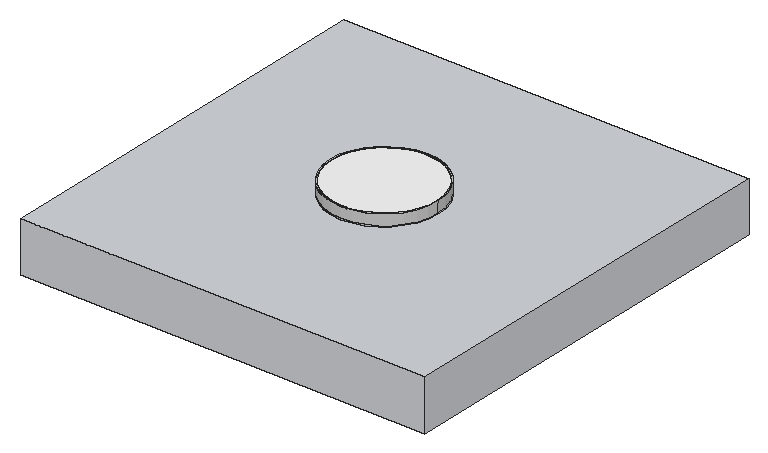
Revit family "en-halla-rundo-circle-surfacerfa", category Осветительные приборы, Revit 2017
Family settings
  Основа = Грань
  Размер круглого соединителя = Использовать диаметр
  Тип детали = Нормальный
  Номер OmniClass = 23.80.70.11.11
  Заголовок OmniClass = General Luminaries, Non Directional
  При загрузке вырезать с полостями = Нет
  Источник света = Нет
  Общий = Нет
  Точка расчета площади = Нет
Parameters
  Shape thickness = 7 mm  # constant formula
  Полная установленная мощность = Power input  # 84 VA
  Youtube clip = ""
  Weight Net (Kg) = "0"
  Изготовитель = "HALLA"  # constant formula
  Default Elevation = 2000 mm
  Voltage = ""
  Uniclass 2.0 Description = "Luminaires And Lamps"
  Uniclass 2.0 Code = "PR-49"
  Uniclass 1.4 Description = "Luminaires and lamps"
  Uniclass 1.4 Code = "JY73"
  URL = "www.halla.cz"
  UNSPSC Code = "3911"
  Technical description = ""
  Switched on [instance] = yes
  Switched off [instance] = not(Switched on)  # no
  Suspension height [instance] = if(With accessories, 30 mm, 0 mm)  # 30 mm
  Source used = ""
  Source type = ""
  Shape of luminaire = ""
  Region South America = "All"
  Region Oceania = "All"
  Region North America = "All"
  Region Middle East = "All"
  Region Europe = "All"
  Region Asia = "All"
  Region Antarctica = "All"
  Region Africa = "All"
  QR code = "http://file-system.ru/catalog/zdaniya_i_sooruzheniya/interer/osveshchenie/halla_rundo_circle_svetilnik/"
  Accessory [instance] = RUNDO accessory - mounting distance kit for square luminaire, circular 370 mm : 19-0009, W - white
  Lighting diameter = Lighting width  # 650 mm
  Diameter of diffuser = Lighting diameter - Shape thickness * 2  # 636 mm
  Protection class = ""
  Product group = "Rundo"
  Product family = "Indoor Luminaires"
  Product data url = ""
  Product code = ""
  Product certification = ""
  Product URL = ""
  Product SKU = "rundo_circle"
  Price (EUR) = 0
  Power input = 84 W
  Description = ""
  Radius of corners = 60 mm  # constant formula
  Optics type = ""
  Suspension distance from axis = (Lighting diameter / 2 - 80 mm) / sqrt(2) * 2  # 346.482 mm
  Number of sources = 6
  Nominal width = "0.00"
  Nominal height = "70.00"
  NBS Reference Description = "Luminaires And Lamps"
  NBS Reference Code = "49"
  Material secondary = ""
  Material of luminaire = "Hliník"
  Material main = "Aluminium"
  Manufacturer name = "HALLA"
  Manufacturer country = "Czech Republic"
  Lighting width = 650 mm
  Lighting source distance [instance] = Lighting height + Suspension height  # 100 mm
  Lighting length = 650 mm
  Lighting height = 70 mm
  Lighting dimensions = ""
  LED source = yes
  Installation instructions = ""
  Installation instruction = ""
  Initial intensity = ""
  Initial colour = "3000 K"
  IP Code = ""
  IFC Classification = "Light Fixture"
  Frequency = ""
  Energy class = ""
  Electric potential = 230 V  # constant formula
  Код по классификатору = "D5020200"
  Edition number = "1"
  EAN code = ""
  EAN = ""
  With accessories [instance] = yes
  Distribution = ""
  Designer = ""
  Design country = "Czech Republic"
  Depth = "0.00"
  Date of publishing = "2014-12-14"
  Data sheet = ""
  Control gear option = ""
  Colour of luminaire = Aluminium - silver
  COBIe Type Category = ""
Reference planes
  plane 1 "Střed (vpředu/vzadu)": y = 0
  plane 2: z = 0
  plane 3 "Střed (vlevo/vpravo)": x = 0
  plane 4 "BP_Světlo spodní": z = 30
  plane 5 "BP_Světlo horní": z = 100
  plane 6 "BP_Zdroj světla": z = 65
Forms (mm)
  Extrusion 1, solid
    sketch origin (0, 0, 0) x (1, 0, 0) y (0, 1, 0)
      loop
        line (-1219.2, 1219.2) -> (-1219.2, -1219.2) -> (1219.2, -1219.2) -> (1219.2, 1219.2) -> (-1219.2, 1219.2)
    from 0 to -304.8
  Extrusion 2, solid, material "Aluminium - silver" <- "Colour of luminaire"
    sketch origin (0, 0, 30) x (-1, 0, 0) y (0, -1, 0)
      loop
        circle (0, 0) r 325
    from 0 to 7
  Extrusion 3, solid, material "Aluminium - silver" <- "Colour of luminaire"
    sketch origin (0, 0, 30) x (-1, 0, 0) y (0, -1, 0)
      loop
        circle (0, 0) r 325
      loop
        circle (0, 0) r 318
    from 7 to 70
  Extrusion 4, solid, material "Diffuser - light switched on", visible <- "Switched off"
    sketch origin (0, 0, 30) x (-1, 0, 0) y (0, -1, 0)
      loop
        circle (0, 0) r 318
    from 66 to 70
  Extrusion 5, solid, material "Diffuser - light switched off", visible <- "Switched on"
    sketch origin (0, 0, 30) x (-1, 0, 0) y (0, -1, 0)
      loop
        circle (0, 0) r 318
    from 66 to 70
Cuts and joins
  joined: Extrusion 2, Extrusion 3
Dimensions and locks
  equal spacing: plane 5 "BP_Světlo horní", plane 6 "BP_Zdroj světla", plane 4 "BP_Světlo spodní"
  "Suspension height": plane 4 "BP_Světlo spodní" to Extrusion 1
  "Lighting height": plane 5 "BP_Světlo horní" to plane 4 "BP_Světlo spodní"
  "Lighting diameter": diameter of Extrusion 2 sketch curve
  "Lighting diameter": diameter of Extrusion 3 sketch curve
  "Diameter of diffuser": diameter of Extrusion 4 sketch curve
  "Diameter of diffuser": diameter of Extrusion 5 sketch curve
  aligned and locked: plane 2 to Extrusion 1
  aligned and locked: level to Extrusion 1
Automatic sketch dimensions
  Extrusion 1 sketch curve to Extrusion 1 sketch curve = 2438.4 mm  (x2)
  plane 1 "Střed (vpředu/vzadu)" to Extrusion 2 sketch curve = 0 mm
  Extrusion 2 sketch curve to plane 3 "Střed (vlevo/vpravo)" = 0 mm
  Extrusion 3 sketch curve to Extrusion 3 sketch curve = 0 mm  (x2)
  plane 1 "Střed (vpředu/vzadu)" to Extrusion 3 sketch curve = 0 mm
  Extrusion 3 sketch curve to plane 3 "Střed (vlevo/vpravo)" = 0 mm
  Extrusion 3 sketch curve to Extrusion 3 sketch curve = 7 mm
  plane 1 "Střed (vpředu/vzadu)" to Extrusion 4 sketch curve = 0 mm
  Extrusion 4 sketch curve to plane 3 "Střed (vlevo/vpravo)" = 0 mm
  plane 1 "Střed (vpředu/vzadu)" to Extrusion 5 sketch curve = 0 mm
  Extrusion 5 sketch curve to plane 3 "Střed (vlevo/vpravo)" = 0 mm
Nested families
  nested 1: "RUNDO KRUH - source" at (0, 0, 100), built-in parameter 1001364 <- "Lighting source distance", type "RUNDO KRUH - source"
  nested 2: "RUNDO accessory - mounting distance kit for square luminaire, circular 370 mm" at (0, 0, 0), type <- "Accessory", visible <- "With accessories", Odsazení zavěšení od osy Y <- "Suspension distance from axis", Odsazení zavěšení od osy X <- "Suspension distance from axis", type "19-0009, W - white", detail levels fine
    with Odsazení zavěšení od osy Y 346.482 mm, Odsazení zavěšení od osy X 346.482 mm, Čtverec yes, Kruh no
Connectors
  electrical at (0, 0, 0), driven by "Electric potential", driven by "Полная установленная мощность"
    settings: on Extrusion 1, index 1, voltage 230 V, apparent load 84 VA, apparent load phase1 0 VA, apparent load phase2 0 VA, apparent load phase3 0 VA, power factor 1, load classification "Osvětlení", number of poles 1, system type 30, power factor state 0, is connector primary yes, connector utility no, sub classification motor no, connector description ""
Definition of nested family "RUNDO accessory - mounting distance kit for square luminaire, circular 370 mm"
  Parameters
    Čtverec = not(Kruh)  # no
    Manufacturer = "HALLA"  # constant formula
    Default Elevation = 0 mm
    URL = "http.//www.halla.cz"
    Description = "Odsazení kruhových svítidel prům. 450, 650 mm"
    Odsazení zavěšení od osy Y [instance] = 600 mm
    Odsazení zavěšení od osy X [instance] = 600 mm
    Model = ""
    Assembly Code = "D5020200"
    Kruh = yes
    Keynote = ""
    Barva svítidla = none
  Reference planes
    plane 1 "Střed (vpředu/vzadu)": y = 0
    plane 2: z = 0
    plane 3 "Střed (vlevo/vpravo)": x = 0
    plane 4: x = -300
    plane 5: x = 300
    plane 6: y = 300
    plane 7: y = -300
  Forms (mm)
    Extrusion 1, solid, material <- "Barva svítidla", visible <- "Čtverec"
      sketch origin (0, 0, 0) x (1, 0, 0) y (0, 1, 0)
        loop
          line (-300, 300) -> (-300, 270) -> (-270, 270) -> (-270, 300) -> (-300, 300)
        loop
          line (-297, 273) -> (-273, 273) -> (-273, 297) -> (-297, 297) -> (-297, 273)
        loop
          line (-300, -270) -> (-300, -300) -> (-270, -300) -> (-270, -270) -> (-300, -270)
        loop
          line (-297, -297) -> (-273, -297) -> (-273, -273) -> (-297, -273) -> (-297, -297)
        loop
          line (300, 300) -> (270, 300) -> (270, 270) -> (300, 270) -> (300, 300)
        loop
          line (297, 273) -> (297, 297) -> (273, 297) -> (273, 273) -> (297, 273)
        loop
          line (300, -270) -> (270, -270) -> (270, -300) -> (300, -300) -> (300, -270)
        loop
          line (297, -297) -> (297, -273) -> (273, -273) -> (273, -297) -> (297, -297)
      from 0 to 30
    Extrusion 2, solid, material <- "Barva svítidla", visible <- "Kruh"
      sketch origin (0, 0, 0) x (1, 0, 0) y (0, 1, 0)
        loop
          circle (0, 0) r 145
        loop
          circle (0, 0) r 140
      from 0 to 30
  Dimensions and locks
    equal spacing: plane 4, plane 3 "Střed (vlevo/vpravo)", plane 5
    "Odsazení zavěšení od osy Y": plane 4 to plane 5
    equal spacing: plane 6, plane 1 "Střed (vpředu/vzadu)", plane 7
    "Odsazení zavěšení od osy X": plane 6 to plane 7
    aligned and locked: level to plane 2
  Automatic sketch dimensions
    Extrusion 1 sketch curve to plane 4 = 0 mm  (x2)
    Extrusion 1 sketch curve to plane 7 = 0 mm  (x2)
    Extrusion 1 sketch curve to plane 6 = 0 mm  (x2)
    Extrusion 1 sketch curve to plane 5 = 0 mm  (x2)
    plane 4 to Extrusion 1 sketch curve = 3 mm  (x2)
    Extrusion 1 sketch curve to Extrusion 1 sketch curve = 24 mm  (x4)
    Extrusion 1 sketch curve to Extrusion 1 sketch curve = 3 mm  (x8)
    Extrusion 1 sketch curve to Extrusion 1 sketch curve = 30 mm  (x3)
    Extrusion 1 sketch curve to plane 5 = 3 mm  (x2)
    plane 7 to Extrusion 1 sketch curve = 3 mm  (x2)
    Extrusion 1 sketch curve to plane 6 = 30 mm
    Extrusion 1 sketch curve to plane 6 = 3 mm  (x2)
    Extrusion 2 sketch curve to Extrusion 2 sketch curve = 0 mm  (x2)
    plane 1 "Střed (vpředu/vzadu)" to Extrusion 2 sketch curve = 0 mm
    Extrusion 2 sketch curve to plane 3 "Střed (vlevo/vpravo)" = 0 mm
    radius of Extrusion 2 sketch curve = 145 mm
    radius of Extrusion 2 sketch curve = 140 mm
Definition of nested family "RUNDO KRUH - source"
  Parameters
    Tilt Angle = -90.00°
    Default Elevation = 0 mm
    Photometric Web File = "RUNDO kruhový 19-551K-1040E.ies"
    Wattage = 8.07853 W
    built-in parameter 1150110 = 1 (stored number, unit not read)
    Emit from Circle Diameter = 609.6 mm
    Emit Shape Visible in Rendering = no
    built-in parameter 1114217 = 1 (stored number, unit not read)
    built-in parameter 1150109 = 1 (stored number, unit not read)
    built-in parameter 1150134 = 12
    built-in parameter 1150113 = 1 (stored number, unit not read)
    Lumens = 1200 lm
    built-in parameter 1150115 = 1 (stored number, unit not read)
    built-in parameter 1150105 = 145.8 (stored number, unit not read)
    built-in parameter 1150137 = (empty or 0)
    built-in parameter 1150139 = (empty or 0)
    built-in parameter 1150112 = 1 (stored number, unit not read)
    built-in parameter 1150114 = 1 (stored number, unit not read)
    built-in parameter 1150132 = 2
    built-in parameter 1150102 = (empty or 0)
    built-in parameter 1150138 = (empty or 0)
    built-in parameter 1150107 = 4000 (stored number, unit not read)
    built-in parameter 1150106 = 1.458 (stored number, unit not read)
    built-in parameter 1150104 = 13.8 (stored number, unit not read)
    Dimming Lamp Color Temperature Shift = (empty or 0)
    Color Filter = 16777215
    built-in parameter 1114218 = 1 (stored number, unit not read)
    built-in parameter 1150133 = 10 (stored number, unit not read)
  Reference planes
    plane 1 "Osa světelného zdroje (přední/zadní)": y = 0
    plane 2: z = 0
    plane 3 "Osa světelného zdroje (levá/pravá)": x = 0
    plane 4 "Výška světelného zdroje": z = 0
  Dimensions and locks
    aligned and locked: plane 3 "Osa světelného zdroje (levá/pravá)" to imposter light
    aligned and locked: plane 1 "Osa světelného zdroje (přední/zadní)" to imposter light
    aligned and locked: plane 4 "Výška světelného zdroje" to imposter light
    aligned and locked: level to plane 2
    aligned and locked: plane 4 "Výška světelného zdroje" to level
